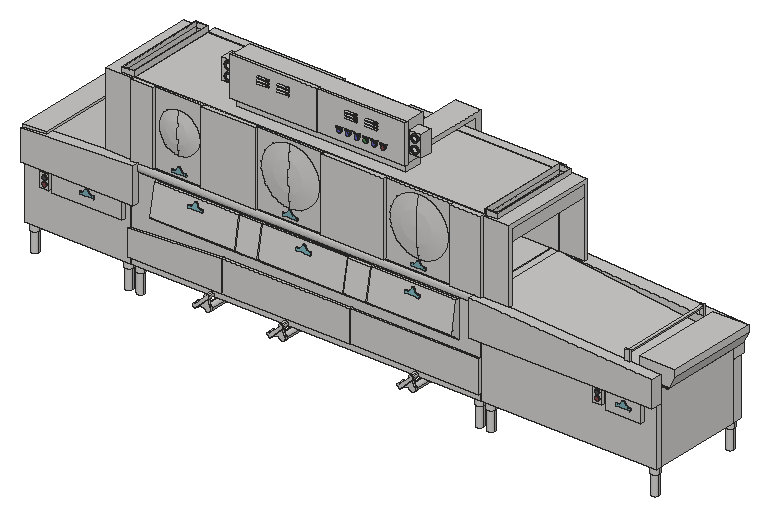
Revit family
Parameters (values of type "208/60/3")
  Weight in Pounds = 0
  Waste Water Discharge Temperature [instance] = -459.67 °F
  Volts = 208 V
  Ventilation Remarks [instance] = ""
  Unload Ventilation Remarks [instance] = ""
  Unload Section Width [instance] = if(Custom Unload Width > 5' 0", Custom Unload Width, 5' 0")  # 5' - 0"
  Unload Removable Cover [instance] = yes
  Unload Exhaust Volume = 1000 CFM
  Unload Exhaust Vent Width = 0' - 4"
  Unload Exhaust Vent Depth = 2' - 7 1/4"
  Unload Exhaust Static Press [instance] = 0.00 in-wg
  Unload Exhaust RI Height [instance] = 0' - 0"
  Unload Exhaust Item Number [instance] = "-"
  Unload End Drain [instance] = no
  URL Cutsheet = ""
  URL = "www.stero.com"
  Swing Doors [instance] = no
  Steam Supply Volume [instance] = 0.00 GPM
  Steam Supply Size = 2"
  Steam Supply RI Height [instance] = 0' - 0"
  Steam Supply Minimum Pressure = 15.00 psi
  Steam Supply Maximum Pressure = 40.00 psi
  Steam Supply Connection Height = 0' - 6"
  Steam Pounds per Hour [instance] = if(Booster Heater, 320, 170)  # 170
  Status [instance] = ""
  Standard Doors [instance] = not(Swing Doors)  # yes
  Specification by User [instance] = ""
  Specification by Manufacturer [instance] = ""
  Serial Number [instance] = ""
  Seismic Rating [instance] = ""
  Revision Code [instance] = ""
  Power Wash Width = 3' - 8"
  Power Wash Door [instance] = if(Swing Doors, 3' 0", 1' 10 1/2")  # 1' - 10 1/2"
  Power Scrapper Width = 2' - 8"
  Power Scrapper Door [instance] = if(Swing Doors, 1' 6", 1' 4 1/4")  # 1' - 4 1/4"
  Power Rinse Door [instance] = if(Swing Doors, 3' 0", 1' 10 1/2")  # 1' - 10 1/2"
  Plumbing Remarks [instance] = ""
  Plumbing Connection Type [instance] = ""
  Phase = 3
  ONOFF Switch [instance] = if([30 inch Load], 0' 0", 0' 6")  # 0' - 6"
  Number of Poles [instance] = 1
  No Booster Heater [instance] = not(Booster Heater)  # yes
  NAFEM Spec ID Number [instance] = ""
  Model = "STPCW-ER 120 S"
  Mechanical Remarks [instance] = ""
  Mechanical Connection Type [instance] = ""
  Masterspec [instance] = ""
  Manufacturer = "Stero"
  Load Section Width [instance] = if([30 inch Load], 2' 6 1/8", if([36 inch Load], 3' 0 1/8", if([48 inch Load], 4' 0 1/8", (Custom Load Width + 0' 0 1/8"))))  # 3' - 0 1/8"
  Load End Drain [instance] = not(Unload End Drain)  # yes
  Item Number [instance] = "-"
  Installed By [instance] = ""
  Indirect Waste Size = 2"
  Indirect Waste Flow [instance] = 0.00 GPM
  Indirect Waste Connection Type [instance] = ""
  Indirect Waste Connection Height = 0' - 7"
  Hot Water Temperature = 140 °F
  Hot Water Size = 1"
  Hot Water RI Height [instance] = 0' - 0"
  Hot Water Minimum Pressure = 20.00 psi
  Hot Water Maximum Pressure = 20.00 psi
  Hot Water Flow [instance] = 0.00 GPM
  Hot Water Consumption = 1.63 GPM
  Hot Water Connection Height = 0' - 6"
  HP = "8"
  Furnished By [instance] = ""
  Foodservice Equipment Identifier [instance] = yes
  Final Rinse Width = 3' - 8"
  FL Amps = 34.1 A
  Exhaust Volume = 500 CFM
  Exhaust Vent Width = 0' - 4"
  Exhaust Vent Depth = 2' - 7 1/4"
  Exhaust Static Press [instance] = 0.00 in-wg
  Exhaust RI Height [instance] = 0' - 0"
  Electrical Remarks [instance] = ""
  Electric Connection Type [instance] = ""
  Elec Conn RI Height [instance] = 0' - 0"
  Elec Conn Connection Height = 6' - 6"
  Description = "Flight Type Dishwasher"
  Depth = 3' - 6"
  Cycle = 60 Hz
  Custom Unload Width [instance] = 5' - 0"
  Custom Load Width [instance] = 4' - 6"
  Conn Conduit = yes
  Condensate Return Size = 3/4"
  Condensate Return RI Height [instance] = 0' - 0"
  Condensate Return Connection Height = 0' - 6"
  Cold Water Temperature Recommended [instance] = -459.67 °F
  Cold Water Size [instance] = if(Cold Water Aqua Stat, 0' 0 3/4", 0' 0")  # 0"
  Cold Water RI Height [instance] = 0' - 0"
  Cold Water Minimum Pressure [instance] = 0.00 psi
  Cold Water Maximum Pressure [instance] = 0.00 psi
  Cold Water Flow [instance] = 0.00 GPM
  Cold Water Consumption [instance] = ""
  Cold Water Connection Height [instance] = if(Cold Water Aqua Stat, 0' 6", 0' 0")  # 0' - 0"
  Cold Water Aqua Stat [instance] = no
  CSI MasterFormat = "11 48 13"
  Booster Heater [instance] = no
  Boosted Plumbing Remarks [instance] = ""
  Boosted Hot Water Temperature = 180 °F
  Boosted Hot Water Size = 3/4"
  Boosted Hot Water RI Height [instance] = 0' - 0"
  Boosted Hot Water Minimum Pressure = 20.00 psi
  Boosted Hot Water Maximum Pressure = 20.00 psi
  Boosted Hot Water Flow [instance] = 0.00 GPM
  Boosted Hot Water Consumption = 1.63 GPM
  Boosted Hot Water Connection Height = 0' - 6"
  Boosted HW Item Number [instance] = "-"
  Assembly Code = "E1090320"
  Apparent Power = if(Phase = 3, Volts * FL Amps * 1.73, Volts * FL Amps)  # 12270.5 VA
  48 inch Load [instance] = no
  36 inch Load [instance] = yes
  30 inch Load [instance] = no
Reference planes (in)
  plane 1 "BACK": y = 0
  plane 2: z = 0
  plane 3 "LEFT": x = -21.27862
  plane 4 "RIGHT": x = 98.72138
  plane 5 "FRONT": y = -42
  plane 6 "Right of Power Scrapper": x = 10.72138
  plane 7 "Right of Power Wash": x = 54.72138
  plane 8 "Load Vent": x = -30.27862
  plane 9 "Unload Vent": x = 107.72138
  plane 10 "Top of Machine": z = 65.5
  plane 11 "Table Height": z = 34
  plane 12 "Bottom of Machine": z = 9
  plane 13 "Middle of Machine": z = 40.625
  plane 14 "Left of Bottom": x = -18.77862
  plane 15 "Right of Bottom": x = 96.22138
  plane 16: z = 38.125
  plane 17: z = 37.75
  plane 18: z = 24.5
  plane 19: z = 22.25
  plane 20: z = 11.5
  plane 21 "Back of Main Body": y = -3
  plane 22 "Front of Main Body": y = -39
  plane 23: x = -5.27862
  plane 24: x = 32.72138
  plane 25: x = 76.72138
  plane 26: x = -13.52862
  plane 27: x = 2.72138
  plane 28: x = 21.47138
  plane 29: x = 43.97138
  plane 30: x = 65.47138
  plane 31: x = 87.97138
  plane 32 "Front of Inside": y = -37.25
  plane 33 "Back of Inside": y = -6
  plane 34: x = 23.22138
  plane 35: x = 45.72138
  plane 36: x = -12.27862
  plane 37: x = 16.72138
  plane 38: x = 24.72138
  plane 39: x = 53.72138
  plane 40: x = 61.97138
  plane 41: x = 90.97138
  plane 42: x = 16.97138
  plane 43: x = 24.47138
  plane 44: x = 53.97138
  plane 45: x = 61.72138
  plane 46: x = 10.59638
  plane 47: x = 10.84638
  plane 48: x = 54.59638
  plane 49: x = 54.84638
  plane 50: z = 60.25
  plane 51: z = 67.25
  plane 52: x = -21.40362
  plane 53: x = -25.40362
  plane 54: x = 102.84638
  plane 55: x = 98.84638
  plane 56: x = -57.40362
  plane 57: x = -59.90362
  plane 58: x = -58.40362
  plane 59: x = -49.40362
  plane 60: z = 28.5
  plane 61: z = 28
  plane 62: z = 22
  plane 63: x = -47.40362
  plane 64: x = -23.40362
  plane 65: x = -48.40362
  plane 66: x = -51.40362
  plane 67: x = 158.72138
  plane 68: x = 159.72138
  plane 69: x = 161.22138
  plane 70: x = 163.72138
  plane 71: x = 151.72138
  plane 72: x = 147.72138
  plane 73: x = 154.22138
  plane 74: x = 142.22138
  plane 75: x = 140.72138
  plane 76: x = 137.72138
  plane 77: y = -32.5
  plane 78: y = -26.5
  plane 79: x = 9.72138
  plane 80: x = 67.72138
  plane 81: z = 68.5
  plane 82: z = 71.375
  plane 83: z = 78.625
  plane 84: z = 81.5
  plane 85: x = 38.72138
  plane 86: x = 38.59638
  plane 87: x = 38.84638
  plane 88: x = 8.72138
  plane 89: x = 68.72138
  plane 90: x = 72.72138
  plane 91: x = 4.72138
  plane 92 "Back of Elec Box": y = -26
  plane 93: y = -33
  plane 94 "Front of Panel": y = -34
  plane 95: z = 68.25
  plane 96: z = 81.25
  plane 97: x = 8.97138
  plane 98 "RIght of Control Box": x = 68.47138
  plane 99 "Front of LR Panels": y = -32.25
  plane 100: y = -28.25
  plane 101 "Drain": z = 7
  plane 102 "Left Drain": x = -39.90362
  plane 103 "Right Drain": x = 151.72138
  plane 104 "Drain CL": y = -20.25
  plane 105 "Utilities": z = 6
  plane 106 "Cold Water": x = -31.27862
  plane 107 "Utility to Machine": y = -16.75
  plane 108 "Utilities Point of Connection": y = -8.5
  plane 109 "Building Hot Water": x = 134.72138
  plane 110: x = -13.27862
  plane 111: x = 2.59638
  plane 112: x = 1.28388
  plane 113: x = 21.72138
  plane 114: x = 32.65888
  plane 115: x = 32.78388
  plane 116: x = 43.72138
  plane 117: x = 34.15888
  plane 118: x = 31.28388
  plane 119: x = 65.72138
  plane 120: x = 76.65888
  plane 121: x = 76.78388
  plane 122: x = 87.72138
  plane 123: x = 78.15888
  plane 124: x = 75.28388
  plane 125 "Standard Door Clearance": z = 93.5
  plane 126: x = 128.72138
  plane 127: x = 122.72138
Forms (in)
  Extrusion 1, solid, material "QF_Finishes_Stainless Steel"
    sketch origin (0, -39, 0) x (1, 0, 0) y (0, 0, 1)
      loop
        line (-21.27862, 9) -> (98.72138, 9) -> (98.72138, 28.5) -> (96.22138, 28.5) -> (96.22138, 38.125) -> (-18.77862, 38.125) -> (-18.77862, 28.5) -> (-21.27862, 28.5) -> (-21.27862, 9)
    from 0 to -36
  Extrusion 2, solid, material "QF_Finishes_Stainless Steel"
    sketch origin (-18.77862, 0, 0) x (0, 1, 0) y (0, 0, 1)
      loop
        line (-3, 40.625) -> (-39, 40.625)
        arc (-39, 40.625) -> (-39.43875, 39.375) -> (-39, 38.125) r 2
        line (-39, 38.125) -> (-3, 38.125) -> (-3, 40.625)
    from 0 to 115
  Extrusion 3, solid, material "QF_Finishes_Stainless Steel"
    sketch origin (0, 0, 65.5) x (0, 1, 0) y (-1, 0, 0)
      loop
        line (-37.25, 21.27862) -> (-39, 21.27862) -> (-39, 13.52862) -> (-37.25, 13.52862) -> (-37.25, 21.27862)
    from 0 to -24.875
  Extrusion 4, solid, material "QF_Finishes_Stainless Steel"
    sketch origin (0, 0, 65.5) x (0, 1, 0) y (-1, 0, 0)
      loop
        line (-37.25, -2.72138) -> (-39, -2.72138) -> (-39, -21.47138) -> (-37.25, -21.47138) -> (-37.25, -2.72138)
    from 0 to -24.875
  Extrusion 5, solid, material "QF_Finishes_Stainless Steel"
    sketch origin (0, 0, 65.5) x (0, 1, 0) y (-1, 0, 0)
      loop
        line (-37.25, -43.97138) -> (-39, -43.97138) -> (-39, -65.47138) -> (-37.25, -65.47138) -> (-37.25, -43.97138)
    from 0 to -24.875
  Extrusion 6, solid, material "QF_Finishes_Stainless Steel"
    sketch origin (0, 0, 65.5) x (0, 1, 0) y (-1, 0, 0)
      loop
        line (-37.25, -87.97138) -> (-39, -87.97138) -> (-39, -98.72138) -> (-37.25, -98.72138) -> (-37.25, -87.97138)
    from 0 to -24.875
  Extrusion 7, solid, material "QF_Finishes_Stainless Steel"
    sketch origin (0, 0, 65.5) x (0, 1, 0) y (-1, 0, 0)
      loop
        line (-3, 21.27862) -> (-6, 21.27862) -> (-6, -23.22138) -> (-3, -23.22138) -> (-3, 21.27862)
    from 0 to -24.875
  Extrusion 8, solid, material "QF_Finishes_Stainless Steel"
    sketch origin (0, 0, 65.5) x (0, 1, 0) y (-1, 0, 0)
      loop
        line (-3, -45.72138) -> (-6, -45.72138) -> (-6, -98.72138) -> (-3, -98.72138) -> (-3, -45.72138)
    from 0 to -24.875
  Extrusion 9, solid, material "QF_Finishes_Stainless Steel"
    sketch origin (0, 0, 65.5) x (0, 1, 0) y (-1, 0, 0)
      loop
        line (-37.25, 13.52862) -> (-38.25, 13.52862) -> (-38.25, -2.72138) -> (-37.25, -2.72138) -> (-37.25, 13.52862)
    from 0 to -24.875
  Extrusion 10, solid, material "QF_Finishes_Stainless Steel"
    sketch origin (0, 0, 65.5) x (0, 1, 0) y (-1, 0, 0)
      loop
        line (-37.25, -21.47138) -> (-38.25, -21.47138) -> (-38.25, -43.97138) -> (-37.25, -43.97138) -> (-37.25, -21.47138)
    from 0 to -24.875
  Extrusion 11, solid, material "QF_Finishes_Stainless Steel"
    sketch origin (0, 0, 65.5) x (0, 1, 0) y (-1, 0, 0)
      loop
        line (-37.25, -65.47138) -> (-38.25, -65.47138) -> (-38.25, -87.97138) -> (-37.25, -87.97138) -> (-37.25, -65.47138)
    from 0 to -24.875
  Extrusion 12, solid, material "QF_Finishes_Stainless Steel"
    sketch origin (0, 0, 65.5) x (0, 1, 0) y (-1, 0, 0)
      loop
        line (-4, -23.22138) -> (-6, -23.22138) -> (-6, -45.72138) -> (-4, -45.72138) -> (-4, -23.22138)
    from 0 to -24.875
  Revolve 13, solid, material "QF_Finishes_Stainless Steel", visible <- "Standard Doors"
    sketch origin (32.72138, 87.64484, 48) x (0, 1, 0) y (0, 0, 1)
      loop
        line (-125.89484, 6.49826) -> (-125.89484, 16.49826)
        arc (-125.89484, 16.49826) -> (-126.65727, 11.52451) -> (-126.89484, 6.49826) r 48
        line (-126.89484, 6.49826) -> (-125.89484, 6.49826)
      axis (-125.89484, 6.49826) -> (-126.89484, 6.49826)
    angle from 0 to 360
  Revolve 14, solid, material "QF_Finishes_Stainless Steel", visible <- "Standard Doors"
    sketch origin (76.72138, 53.39484, 48) x (0, 1, 0) y (0, 0, 1)
      loop
        line (-91.64484, 6.49826) -> (-91.64484, 16.49826)
        arc (-91.64484, 16.49826) -> (-92.40727, 11.52451) -> (-92.64484, 6.49826) r 48
        line (-92.64484, 6.49826) -> (-91.64484, 6.49826)
      axis (-91.64484, 6.49826) -> (-92.64484, 6.49826)
    angle from 0 to 360
  Extrusion 15, solid, material "QF_Finishes_Light Blue", visible <- "Standard Doors"
    sketch origin (32.39366, -38.75, 10.99826) x (-1, 0, 0) y (0, 0, 1)
      loop
        line (-43.71645, 30.65632) -> (-42.08461, 30.57309)
        arc (-42.08461, 30.57309) -> (-41.90443, 30.64773) -> (-41.82979, 30.82792) r 0.25483
        line (-41.82979, 30.82792) -> (-41.82979, 31.31285)
        arc (-41.82979, 31.31285) -> (-41.90343, 31.49062) -> (-42.08121, 31.56426) r 0.25142
        arc (-42.08121, 31.56426) -> (-43.22593, 31.7803) -> (-43.90311, 32.72819) r 1.56264
        arc (-43.90311, 32.72819) -> (-44.31726, 33.06213) -> (-44.74741, 32.74907) r 0.43733
        arc (-44.74741, 32.74907) -> (-45.42049, 31.78611) -> (-46.57423, 31.56426) r 1.56264
        arc (-46.57423, 31.56426) -> (-46.75201, 31.49062) -> (-46.82565, 31.31285) r 0.25142
        line (-46.82565, 31.31285) -> (-46.82565, 30.82792)
        arc (-46.82565, 30.82792) -> (-46.75101, 30.64773) -> (-46.57082, 30.57309) r 0.25483
        line (-46.57082, 30.57309) -> (-44.93898, 30.65632)
        arc (-44.93898, 30.65632) -> (-44.32772, 30.6719) -> (-43.71645, 30.65632) r 12
    from 0.5 to 0.4375
  Extrusion 16, solid, material "QF_Finishes_Light Blue", visible <- "Standard Doors"
    sketch origin (-33.60634, -38.75, 10.99826) x (-1, 0, 0) y (0, 0, 1)
      loop
        line (-27.71645, 30.65632) -> (-26.08461, 30.57309)
        arc (-26.08461, 30.57309) -> (-25.90443, 30.64773) -> (-25.82979, 30.82792) r 0.25483
        line (-25.82979, 30.82792) -> (-25.82979, 31.31285)
        arc (-25.82979, 31.31285) -> (-25.90343, 31.49062) -> (-26.08121, 31.56426) r 0.25142
        arc (-26.08121, 31.56426) -> (-27.22593, 31.7803) -> (-27.90311, 32.72819) r 1.56264
        arc (-27.90311, 32.72819) -> (-28.31726, 33.06213) -> (-28.74741, 32.74907) r 0.43733
        arc (-28.74741, 32.74907) -> (-29.42049, 31.78611) -> (-30.57423, 31.56426) r 1.56264
        arc (-30.57423, 31.56426) -> (-30.75201, 31.49062) -> (-30.82565, 31.31285) r 0.25142
        line (-30.82565, 31.31285) -> (-30.82565, 30.82792)
        arc (-30.82565, 30.82792) -> (-30.75101, 30.64773) -> (-30.57082, 30.57309) r 0.25483
        line (-30.57082, 30.57309) -> (-28.93898, 30.65632)
        arc (-28.93898, 30.65632) -> (-28.32772, 30.6719) -> (-27.71645, 30.65632) r 12
    from 0.5 to 0.4375
  Revolve 17, solid, material "QF_Finishes_Stainless Steel", visible <- "Standard Doors"
    sketch origin (-5.27862, 60.79026, 48) x (0, 1, 0) y (0, 0, 1)
      loop
        line (-99.04026, 6.42888) -> (-99.04026, 13.42888)
        arc (-99.04026, 13.42888) -> (-99.77934, 9.96304) -> (-100.04026, 6.42888) r 26
        line (-100.04026, 6.42888) -> (-99.04026, 6.42888)
      axis (-99.04026, 6.42888) -> (-100.04026, 6.42888)
    angle from 0 to 360
  Revolve 18, solid, material "QF_Finishes_Stainless Steel", visible <- "Standard Doors"
    sketch origin (34.47138, -129.89484, 48) x (0, -1, 0) y (0, 0, -1)
      loop
        line (-125.89484, -6.49826) -> (-126.89484, -6.49826)
        arc (-126.89484, -6.49826) -> (-126.65727, -11.52451) -> (-125.89484, -16.49826) r 48
        line (-125.89484, -16.49826) -> (-125.89484, -6.49826)
      axis (-125.89484, -6.49826) -> (-126.89484, -6.49826)
    angle from 0 to 360
  Extrusion 19, solid, material "QF_Finishes_Stainless Steel"
    sketch origin (-18.77862, 0, 0) x (0, 1, 0) y (0, 0, 1)
      loop
        line (-39, 37.75) -> (-40, 37.75) -> (-42, 27.5) -> (-39, 25.1875) -> (-39, 37.75)
    from 6.5 to 35.5
  Extrusion 20, solid, material "QF_Finishes_Stainless Steel"
    sketch origin (5.47138, 0, 0) x (0, 1, 0) y (0, 0, 1)
      loop
        line (-39, 37.75) -> (-40, 37.75) -> (-42, 27.5) -> (-39, 25.1875) -> (-39, 37.75)
    from 11.5 to 19
  Extrusion 21, solid, material "QF_Finishes_Stainless Steel"
    sketch origin (10.22138, 0, 0) x (0, 1, 0) y (0, 0, 1)
      loop
        line (-39, 37.75) -> (-40, 37.75) -> (-42, 27.5) -> (-39, 25.1875) -> (-39, 37.75)
    from 14.5 to 43.5
  Extrusion 22, solid, material "QF_Finishes_Stainless Steel"
    sketch origin (34.47138, 0, 0) x (0, 1, 0) y (0, 0, 1)
      loop
        line (-39, 37.75) -> (-40, 37.75) -> (-42, 27.5) -> (-39, 25.1875) -> (-39, 37.75)
    from 19.5 to 27.25
  Extrusion 23, solid, material "QF_Finishes_Stainless Steel"
    sketch origin (39.47138, 0, 0) x (0, 1, 0) y (0, 0, 1)
      loop
        line (-39, 37.75) -> (-40, 37.75) -> (-42, 27.5) -> (-39, 25.1875) -> (-39, 37.75)
    from 22.5 to 51.5
  Extrusion 24, solid, material "QF_Finishes_Stainless Steel"
    sketch origin (0, -39, 0) x (1, 0, 0) y (0, 0, 1)
      loop
        line (-21.27862, 11.5) -> (10.59638, 11.5) -> (10.59638, 22.25) -> (-21.27862, 20.375) -> (-21.27862, 11.5)
    from 0 to 1
  Extrusion 25, solid, material "QF_Finishes_Stainless Steel"
    sketch origin (0, -39, 0) x (1, 0, 0) y (0, 0, 1)
      loop
        line (10.84638, 22.25) -> (10.84638, 11.5) -> (54.59638, 11.5) -> (54.59638, 22.25) -> (10.84638, 22.25)
    from 0 to 1
  Extrusion 26, solid, material "QF_Finishes_Stainless Steel"
    sketch origin (0, -39, 0) x (1, 0, 0) y (0, 0, 1)
      loop
        line (54.84638, 22.25) -> (54.84638, 11.5) -> (98.72138, 11.5) -> (98.72138, 22.25) -> (54.84638, 22.25)
    from 0 to 1
  Extrusion 27, solid, material "QF_Finishes_Stainless Steel"
    sketch origin (0, 0, 65.5) x (0, 1, 0) y (-1, 0, 0)
      loop
        line (-6, 21.27862) -> (-37.25, 21.27862) -> (-37.25, -98.72138) -> (-6, -98.72138) -> (-6, 21.27862)
    from 0 to -5.25
  Extrusion 28, solid, material "QF_Finishes_Stainless Steel"
    sketch origin (-21.27862, 0, 0) x (0, 1, 0) y (0, 0, 1)
      loop
        line (-5, 65.5) -> (-38.25, 65.5) -> (-38.25, 40.625) -> (-37.25, 40.625) -> (-37.25, 64.125) -> (-6, 64.125) -> (-6, 40.625) -> (-5, 40.625) -> (-5, 65.5)
    from 0 to -9
  Extrusion 29, solid, material "QF_Finishes_Stainless Steel"
    sketch origin (0, 0, 65.5) x (0, 1, 0) y (-1, 0, 0)
      loop
        line (-6, 25.40362) -> (-37.25, 25.40362) -> (-37.25, 21.40362) -> (-6, 21.40362) -> (-6, 25.40362)
      loop
        line (-5.875, 25.52862) -> (-37.375, 25.52862) -> (-37.375, 21.27862) -> (-5.875, 21.27862) -> (-5.875, 25.52862)
    from 0 to 1.75
  Extrusion 30, solid, material "QF_Finishes_Stainless Steel"
    sketch origin (-30.27862, 0, 0) x (0, 1, 0) y (0, 0, 1)
      loop
        line (-6, 64.125) -> (-37.25, 64.125) -> (-37.25, 60.25) -> (-6, 60.25) -> (-6, 64.125)
    from 0 to 1
  Extrusion 31, void
    sketch origin (0, 0, 65.5) x (0, 1, 0) y (-1, 0, 0)
      loop
        line (-6, 25.40362) -> (-37.25, 25.40362) -> (-37.25, 21.40362) -> (-6, 21.40362) -> (-6, 25.40362)
    from 0 to -1.375
  Extrusion 32, solid, material "QF_Finishes_Stainless Steel"
    sketch origin (98.72138, 0, 0) x (0, 1, 0) y (0, 0, 1)
      loop
        line (-5, 40.625) -> (-5, 65.5) -> (-38.25, 65.5) -> (-38.25, 40.625) -> (-37.25, 40.625) -> (-37.25, 64.125) -> (-6, 64.125) -> (-6, 40.625) -> (-5, 40.625)
    from 0 to 9
  Extrusion 33, solid, material "QF_Finishes_Stainless Steel"
    sketch origin (53.44275, 0, 65.5) x (0, 1, 0) y (-1, 0, 0)
      loop
        line (-6, -49.40362) -> (-6, -45.40362) -> (-37.25, -45.40362) -> (-37.25, -49.40362) -> (-6, -49.40362)
      loop
        line (-5.875, -49.52862) -> (-5.875, -45.27862) -> (-37.375, -45.27862) -> (-37.375, -49.52862) -> (-5.875, -49.52862)
    from 0 to 1.75
  Extrusion 34, solid, material "QF_Finishes_Stainless Steel"
    sketch origin (107.72138, 0, 0) x (0, 1, 0) y (0, 0, 1)
      loop
        line (-6, 64.125) -> (-37.25, 64.125) -> (-37.25, 60.25) -> (-6, 60.25) -> (-6, 64.125)
    from 0 to -1
  Extrusion 35, void
    sketch origin (0, 0, 65.5) x (0, 1, 0) y (-1, 0, 0)
      loop
        line (-37.25, -102.84638) -> (-6, -102.84638) -> (-6, -98.84638) -> (-37.25, -98.84638) -> (-37.25, -102.84638)
    from 0 to -1.375
  Extrusion 36, solid, material "QF_Finishes_Light Blue", visible <- "Standard Doors"
    sketch origin (4.39366, -38.75, 10.99826) x (-1, 0, 0) y (0, 0, 1)
      loop
        line (-27.71645, 30.65632) -> (-26.08461, 30.57309)
        arc (-26.08461, 30.57309) -> (-25.90443, 30.64773) -> (-25.82979, 30.82792) r 0.25483
        line (-25.82979, 30.82792) -> (-25.82979, 31.31285)
        arc (-25.82979, 31.31285) -> (-25.90343, 31.49062) -> (-26.08121, 31.56426) r 0.25142
        arc (-26.08121, 31.56426) -> (-27.22593, 31.7803) -> (-27.90311, 32.72819) r 1.56264
        arc (-27.90311, 32.72819) -> (-28.31726, 33.06213) -> (-28.74741, 32.74907) r 0.43733
        arc (-28.74741, 32.74907) -> (-29.42049, 31.78611) -> (-30.57423, 31.56426) r 1.56264
        arc (-30.57423, 31.56426) -> (-30.75201, 31.49062) -> (-30.82565, 31.31285) r 0.25142
        line (-30.82565, 31.31285) -> (-30.82565, 30.82792)
        arc (-30.82565, 30.82792) -> (-30.75101, 30.64773) -> (-30.57082, 30.57309) r 0.25483
        line (-30.57082, 30.57309) -> (-28.93898, 30.65632)
        arc (-28.93898, 30.65632) -> (-28.32772, 30.6719) -> (-27.71645, 30.65632) r 12
    from 0.5 to 0.4375
  Extrusion 37, solid, material "QF_Finishes_Light Blue", visible <- "Standard Doors"
    sketch origin (6.14366, -3.5, 10.99826) x (-1, 0, 0) y (0, 0, -1)
      loop
        arc (-27.71645, -30.65632) -> (-28.32772, -30.6719) -> (-28.93898, -30.65632) r 12
        line (-28.93898, -30.65632) -> (-30.57082, -30.57309)
        arc (-30.57082, -30.57309) -> (-30.75101, -30.64773) -> (-30.82565, -30.82792) r 0.25483
        line (-30.82565, -30.82792) -> (-30.82565, -31.31285)
        arc (-30.82565, -31.31285) -> (-30.75201, -31.49062) -> (-30.57423, -31.56426) r 0.25142
        arc (-30.57423, -31.56426) -> (-29.42049, -31.78611) -> (-28.74741, -32.74907) r 1.56264
        arc (-28.74741, -32.74907) -> (-28.31726, -33.06213) -> (-27.90311, -32.72819) r 0.43733
        arc (-27.90311, -32.72819) -> (-27.22593, -31.7803) -> (-26.08121, -31.56426) r 1.56264
        arc (-26.08121, -31.56426) -> (-25.90343, -31.49062) -> (-25.82979, -31.31285) r 0.25142
        line (-25.82979, -31.31285) -> (-25.82979, -30.82792)
        arc (-25.82979, -30.82792) -> (-25.90443, -30.64773) -> (-26.08461, -30.57309) r 0.25483
        line (-26.08461, -30.57309) -> (-27.71645, -30.65632)
    from 0.5 to 0.4375
  Extrusion 38, solid, material "QF_Finishes_Light Blue"
    sketch origin (40.64366, -47.17361, 4.34597) x (-1, 0, 0) y (0, 0.195946, 0.980615)
      loop
        line (-35.2161, 30.65632) -> (-33.58426, 30.57309)
        arc (-33.58426, 30.57309) -> (-33.40408, 30.64773) -> (-33.32944, 30.82792) r 0.25483
        line (-33.32944, 30.82792) -> (-33.32944, 31.31285)
        arc (-33.32944, 31.31285) -> (-33.40308, 31.49062) -> (-33.58085, 31.56426) r 0.25142
        arc (-33.58085, 31.56426) -> (-34.72558, 31.7803) -> (-35.40276, 32.72819) r 1.56264
        arc (-35.40276, 32.72819) -> (-35.81691, 33.06213) -> (-36.24706, 32.74907) r 0.43733
        arc (-36.24706, 32.74907) -> (-36.92014, 31.78611) -> (-38.07388, 31.56426) r 1.56264
        arc (-38.07388, 31.56426) -> (-38.25166, 31.49062) -> (-38.3253, 31.31285) r 0.25142
        line (-38.3253, 31.31285) -> (-38.3253, 30.82792)
        arc (-38.3253, 30.82792) -> (-38.25066, 30.64773) -> (-38.07047, 30.57309) r 0.25483
        line (-38.07047, 30.57309) -> (-36.43863, 30.65632)
        arc (-36.43863, 30.65632) -> (-35.82737, 30.6719) -> (-35.2161, 30.65632) r 12
      loop
        line (2.0339, 30.65632) -> (3.66574, 30.57309)
        arc (3.66574, 30.57309) -> (3.84592, 30.64773) -> (3.92056, 30.82792) r 0.25483
        line (3.92056, 30.82792) -> (3.92056, 31.31285)
        arc (3.92056, 31.31285) -> (3.84692, 31.49062) -> (3.66915, 31.56426) r 0.25142
        arc (3.66915, 31.56426) -> (2.52442, 31.7803) -> (1.84724, 32.72819) r 1.56264
        arc (1.84724, 32.72819) -> (1.43309, 33.06213) -> (1.00294, 32.74907) r 0.43733
        arc (1.00294, 32.74907) -> (0.32986, 31.78611) -> (-0.82388, 31.56426) r 1.56264
        arc (-0.82388, 31.56426) -> (-1.00166, 31.49062) -> (-1.0753, 31.31285) r 0.25142
        line (-1.0753, 31.31285) -> (-1.0753, 30.82792)
        arc (-1.0753, 30.82792) -> (-1.00066, 30.64773) -> (-0.82047, 30.57309) r 0.25483
        line (-0.82047, 30.57309) -> (0.81137, 30.65632)
        arc (0.81137, 30.65632) -> (1.42263, 30.6719) -> (2.0339, 30.65632) r 12
      loop
        line (39.0339, 30.65632) -> (40.66574, 30.57309)
        arc (40.66574, 30.57309) -> (40.84592, 30.64773) -> (40.92056, 30.82792) r 0.25483
        line (40.92056, 30.82792) -> (40.92056, 31.31285)
        arc (40.92056, 31.31285) -> (40.84692, 31.49062) -> (40.66915, 31.56426) r 0.25142
        arc (40.66915, 31.56426) -> (39.52442, 31.7803) -> (38.84724, 32.72819) r 1.56264
        arc (38.84724, 32.72819) -> (38.43309, 33.06213) -> (38.00294, 32.74907) r 0.43733
        arc (38.00294, 32.74907) -> (37.32986, 31.78611) -> (36.17612, 31.56426) r 1.56264
        arc (36.17612, 31.56426) -> (35.99834, 31.49062) -> (35.9247, 31.31285) r 0.25142
        line (35.9247, 31.31285) -> (35.9247, 30.82792)
        arc (35.9247, 30.82792) -> (35.99934, 30.64773) -> (36.17953, 30.57309) r 0.25483
        line (36.17953, 30.57309) -> (37.81137, 30.65632)
        arc (37.81137, 30.65632) -> (38.42263, 30.6719) -> (39.0339, 30.65632) r 12
    from 0.5 to 0.4375
  Extrusion 39, solid, material "QF_Finishes_Stainless Steel", not visible
    sketch origin (-18.77862, 0, 0) x (0, 1, 0) y (0, 0, 1)
      loop
        line (-39, 37.75) -> (-40, 37.75) -> (-42, 27.5) -> (-39, 25.1875) -> (-39, 37.75)
    from 6.5 to 35.5
  Extrusion 40, solid, material "QF_Finishes_Stainless Steel", not visible
    sketch origin (5.47138, 0, 0) x (0, 1, 0) y (0, 0, 1)
      loop
        line (-39, 37.75) -> (-40, 37.75) -> (-42, 27.5) -> (-39, 25.1875) -> (-39, 37.75)
    from 11.5 to 19
  Extrusion 41, solid, material "QF_Finishes_Stainless Steel", not visible
    sketch origin (10.22138, 0, 0) x (0, 1, 0) y (0, 0, 1)
      loop
        line (-39, 37.75) -> (-40, 37.75) -> (-42, 27.5) -> (-39, 25.1875) -> (-39, 37.75)
    from 14.5 to 43.5
  Extrusion 42, solid, material "QF_Finishes_Stainless Steel", not visible
    sketch origin (34.47138, 0, 0) x (0, 1, 0) y (0, 0, 1)
      loop
        line (-39, 37.75) -> (-40, 37.75) -> (-42, 27.5) -> (-39, 25.1875) -> (-39, 37.75)
    from 19.5 to 27.25
  Extrusion 43, solid, material "QF_Finishes_Stainless Steel", not visible
    sketch origin (39.47138, 0, 0) x (0, 1, 0) y (0, 0, 1)
      loop
        line (-39, 37.75) -> (-40, 37.75) -> (-42, 27.5) -> (-39, 25.1875) -> (-39, 37.75)
    from 22.5 to 51.5
  Extrusion 44, solid, material "QF_Finishes_Light Blue", not visible
    sketch origin (40.64366, -47.17361, 4.34597) x (-1, 0, 0) y (0, 0.195946, 0.980615)
      loop
        line (-35.2161, 30.65632) -> (-33.58426, 30.57309)
        arc (-33.58426, 30.57309) -> (-33.40408, 30.64773) -> (-33.32944, 30.82792) r 0.25483
        line (-33.32944, 30.82792) -> (-33.32944, 31.31285)
        arc (-33.32944, 31.31285) -> (-33.40308, 31.49062) -> (-33.58085, 31.56426) r 0.25142
        arc (-33.58085, 31.56426) -> (-34.72558, 31.7803) -> (-35.40276, 32.72819) r 1.56264
        arc (-35.40276, 32.72819) -> (-35.81691, 33.06213) -> (-36.24706, 32.74907) r 0.43733
        arc (-36.24706, 32.74907) -> (-36.92014, 31.78611) -> (-38.07388, 31.56426) r 1.56264
        arc (-38.07388, 31.56426) -> (-38.25166, 31.49062) -> (-38.3253, 31.31285) r 0.25142
        line (-38.3253, 31.31285) -> (-38.3253, 30.82792)
        arc (-38.3253, 30.82792) -> (-38.25066, 30.64773) -> (-38.07047, 30.57309) r 0.25483
        line (-38.07047, 30.57309) -> (-36.43863, 30.65632)
        arc (-36.43863, 30.65632) -> (-35.82737, 30.6719) -> (-35.2161, 30.65632) r 12
      loop
        line (2.0339, 30.65632) -> (3.66574, 30.57309)
        arc (3.66574, 30.57309) -> (3.84592, 30.64773) -> (3.92056, 30.82792) r 0.25483
        line (3.92056, 30.82792) -> (3.92056, 31.31285)
        arc (3.92056, 31.31285) -> (3.84692, 31.49062) -> (3.66915, 31.56426) r 0.25142
        arc (3.66915, 31.56426) -> (2.52442, 31.7803) -> (1.84724, 32.72819) r 1.56264
        arc (1.84724, 32.72819) -> (1.43309, 33.06213) -> (1.00294, 32.74907) r 0.43733
        arc (1.00294, 32.74907) -> (0.32986, 31.78611) -> (-0.82388, 31.56426) r 1.56264
        arc (-0.82388, 31.56426) -> (-1.00166, 31.49062) -> (-1.0753, 31.31285) r 0.25142
        line (-1.0753, 31.31285) -> (-1.0753, 30.82792)
        arc (-1.0753, 30.82792) -> (-1.00066, 30.64773) -> (-0.82047, 30.57309) r 0.25483
        line (-0.82047, 30.57309) -> (0.81137, 30.65632)
        arc (0.81137, 30.65632) -> (1.42263, 30.6719) -> (2.0339, 30.65632) r 12
      loop
        line (39.0339, 30.65632) -> (40.66574, 30.57309)
        arc (40.66574, 30.57309) -> (40.84592, 30.64773) -> (40.92056, 30.82792) r 0.25483
        line (40.92056, 30.82792) -> (40.92056, 31.31285)
        arc (40.92056, 31.31285) -> (40.84692, 31.49062) -> (40.66915, 31.56426) r 0.25142
        arc (40.66915, 31.56426) -> (39.52442, 31.7803) -> (38.84724, 32.72819) r 1.56264
        arc (38.84724, 32.72819) -> (38.43309, 33.06213) -> (38.00294, 32.74907) r 0.43733
        arc (38.00294, 32.74907) -> (37.32986, 31.78611) -> (36.17612, 31.56426) r 1.56264
        arc (36.17612, 31.56426) -> (35.99834, 31.49062) -> (35.9247, 31.31285) r 0.25142
        line (35.9247, 31.31285) -> (35.9247, 30.82792)
        arc (35.9247, 30.82792) -> (35.99934, 30.64773) -> (36.17953, 30.57309) r 0.25483
        line (36.17953, 30.57309) -> (37.81137, 30.65632)
        arc (37.81137, 30.65632) -> (38.42263, 30.6719) -> (39.0339, 30.65632) r 12
    from 0.5 to 0.4375
  Extrusion 45, solid, material "QF_Finishes_Stainless Steel"
    sketch origin (0, -37.25, 0) x (1, 0, 0) y (0, 0, 1)
      loop
        line (-57.40362, 28.5) -> (-18.77862, 28.5) -> (-18.77862, 40.625) -> (-57.40362, 38.75) -> (-57.40362, 28.5)
    from 0 to 3.75
  Extrusion 46, solid, material "QF_Finishes_Stainless Steel"
    sketch origin (0, -6, 0) x (1, 0, 0) y (0, 0, 1)
      loop
        line (-57.40362, 28.5) -> (-18.77862, 28.5) -> (-18.77862, 40.625) -> (-57.40362, 38.75) -> (-57.40362, 28.5)
    from 0 to -4.5
  Extrusion 47, solid, material "QF_Finishes_Stainless Steel"
    sketch origin (0, -6, 0) x (1, 0, 0) y (0, 0, 1)
      loop
        line (-57.40362, 34) -> (-59.90362, 34) -> (-59.90362, 33.875) -> (-57.40362, 33.875) -> (-57.40362, 34)
    from 0 to 31.25
  Extrusion 48, solid, material "QF_Finishes_Stainless Steel"
    sketch origin (0, -6, 0) x (1, 0, 0) y (0, 0, 1)
      loop
        line (-57.40362, 33.875) -> (-58.40362, 33.875) -> (-58.40362, 32.5) -> (-57.40362, 32.5) -> (-57.40362, 33.875)
    from 3.5 to 29.25
  Extrusion 49, solid, material "QF_Finishes_Stainless Steel"
    sketch origin (0, -6, 0) x (1, 0, 0) y (0, 0, 1)
      loop
        line (-57.40362, 32) -> (-58.40362, 32) -> (-58.40362, 28) -> (-57.40362, 28) -> (-57.40362, 32)
    from 3.5 to 29.25
  Extrusion 50, solid, material "QF_Finishes_Stainless Steel"
    sketch origin (0, -6, 0) x (1, 0, 0) y (0, 0, 1)
      loop
        line (-18.77862, 40.625) -> (-21.27862, 40.625) -> (-57.40362, 34) -> (-57.40362, 9) -> (-21.27862, 9) -> (-21.27862, 28.5) -> (-18.77862, 28.5) -> (-18.77862, 40.625)
    from 0 to 31.25
  Extrusion 51, solid, material "QF_Finishes_Stainless Steel"
    sketch origin (0, -6, 0) x (1, 0, 0) y (0, 0, 1)
      loop
        line (-57.40362, 38.75) -> (-49.40362, 39.13835) -> (-49.40362, 39.88923) -> (-57.40362, 39.50088) -> (-57.40362, 38.75)
    from -2.625 to 33.875
  Extrusion 52, solid, material "QF_Finishes_Stainless Steel"
    sketch origin (0, -37.25, 0) x (1, 0, 0) y (0, 0, 1)
      loop
        line (-57.40362, 9) -> (-21.27862, 9) -> (-21.27862, 28.5) -> (-57.40362, 28.5) -> (-57.40362, 9)
    from 0 to 1.75
  Extrusion 53, solid, material "QF_Finishes_Stainless Steel"
    sketch origin (0, -6, 0) x (1, 0, 0) y (0, 0, 1)
      loop
        line (-57.40362, 28.5) -> (-57.40362, 9) -> (-21.27862, 9) -> (-21.27862, 28.5) -> (-57.40362, 28.5)
    from 0 to -3
  Extrusion 54, solid, material "QF_Finishes_Stainless Steel"
    sketch origin (0, -37.25, 0) x (1, 0, 0) y (0, 0, 1)
      loop
        line (-47.40362, 28) -> (-47.40362, 22) -> (-23.40362, 22) -> (-23.40362, 28) -> (-47.40362, 28)
    from 1.75 to 2.75
  Extrusion 55, solid, material "QF_Finishes_Light Blue"
    sketch origin (-63.60634, -40.5, -5.56213) x (-1, 0, 0) y (0, 0, 1)
      loop
        line (-27.5911, 30.65632) -> (-25.95926, 30.57309)
        arc (-25.95926, 30.57309) -> (-25.77908, 30.64773) -> (-25.70444, 30.82792) r 0.25483
        line (-25.70444, 30.82792) -> (-25.70444, 31.31285)
        arc (-25.70444, 31.31285) -> (-25.77808, 31.49062) -> (-25.95585, 31.56426) r 0.25142
        arc (-25.95585, 31.56426) -> (-27.10058, 31.7803) -> (-27.77776, 32.72819) r 1.56264
        arc (-27.77776, 32.72819) -> (-28.19191, 33.06213) -> (-28.62206, 32.74907) r 0.43733
        arc (-28.62206, 32.74907) -> (-29.29514, 31.78611) -> (-30.44888, 31.56426) r 1.56264
        arc (-30.44888, 31.56426) -> (-30.62666, 31.49062) -> (-30.7003, 31.31285) r 0.25142
        line (-30.7003, 31.31285) -> (-30.7003, 30.82792)
        arc (-30.7003, 30.82792) -> (-30.62566, 30.64773) -> (-30.44547, 30.57309) r 0.25483
        line (-30.44547, 30.57309) -> (-28.81363, 30.65632)
        arc (-28.81363, 30.65632) -> (-28.20237, 30.6719) -> (-27.5911, 30.65632) r 12
    from 0.5 to 0.4375
  Extrusion 56, solid, material "QF_Finishes_Stainless Steel"
    sketch origin (0, -37.25, 0) x (1, 0, 0) y (0, 0, 1)
      loop
        line (-48.40362, 22.25) -> (-48.40362, 27.25) -> (-51.40362, 27.25) -> (-51.40362, 22.25) -> (-48.40362, 22.25)
    from 1.75 to 2.75
  Extrusion 57, solid, material "QF_Finishes_Black"
    sketch origin (0, -37.25, 0) x (1, 0, 0) y (0, 0, 1)
      loop
        circle (-49.90362, 25.75) r 0.75
    from 2.75 to 2.8125
  Extrusion 58, solid, material "QF_Finishes_LED Red"
    sketch origin (0, -37.25, -2) x (1, 0, 0) y (0, 0, 1)
      loop
        circle (-49.90362, 25.75) r 0.75
    from 2.75 to 2.8125
  Extrusion 59, solid, material "QF_Finishes_Stainless Steel"
    sketch origin (101.31775, -37.25, 0) x (-1, 0, 0) y (0, 0, -1)
      loop
        line (-57.40362, -28.5) -> (-57.40362, -37.5) -> (5.09638, -40.625) -> (5.09638, -28.5) -> (-57.40362, -28.5)
    from 0 to 3.75
  Extrusion 60, solid, material "QF_Finishes_Stainless Steel"
    sketch origin (101.31775, -6, 0) x (-1, 0, 0) y (0, 0, -1)
      loop
        line (-57.40362, -28.5) -> (-57.40362, -37.5) -> (5.09638, -40.625) -> (5.09638, -28.5) -> (-57.40362, -28.5)
    from 0 to -4.5
  Extrusion 61, solid, material "QF_Finishes_Stainless Steel"
    sketch origin (101.31775, -6, 0) x (-1, 0, 0) y (0, 0, -1)
      loop
        line (-57.40362, -34) -> (-57.40362, -33.875) -> (-59.90362, -33.875) -> (-59.90362, -34) -> (-57.40362, -34)
    from 0 to 31.25
  Extrusion 62, solid, material "QF_Finishes_Stainless Steel"
    sketch origin (101.31775, -6, 0) x (-1, 0, 0) y (0, 0, -1)
      loop
        line (-57.40362, -33.875) -> (-57.40362, -32.5) -> (-58.40362, -32.5) -> (-58.40362, -33.875) -> (-57.40362, -33.875)
    from 3.5 to 29.25
  Extrusion 63, solid, material "QF_Finishes_Stainless Steel"
    sketch origin (101.31775, -6, 0) x (-1, 0, 0) y (0, 0, -1)
      loop
        line (5.09638, -40.625) -> (5.09638, -28.5) -> (2.59638, -28.5) -> (2.59638, -9) -> (-57.40362, -9) -> (-57.40362, -34) -> (2.59638, -40.625) -> (5.09638, -40.625)
    from 0 to 31.25
  Extrusion 64, solid, material "QF_Finishes_Stainless Steel"
    sketch origin (101.31775, -37.25, 0) x (-1, 0, 0) y (0, 0, -1)
      loop
        line (-57.40362, -9) -> (-57.40362, -28.5) -> (2.59638, -28.5) -> (2.59638, -9) -> (-57.40362, -9)
    from 0 to 1.75
  Extrusion 65, solid, material "QF_Finishes_Stainless Steel"
    sketch origin (101.31775, -6, 0) x (-1, 0, 0) y (0, 0, -1)
      loop
        line (-57.40362, -28.5) -> (2.59638, -28.5) -> (2.59638, -9) -> (-57.40362, -9) -> (-57.40362, -28.5)
    from 0 to -3
  Extrusion 66, solid, material "QF_Finishes_Stainless Steel", visible <- "Unload Removable Cover"
    sketch origin (0, -6, 0) x (1, 0, 0) y (0, 0, 1)
      loop
        line (163.72138, 40.625) -> (151.72138, 40.625) -> (151.72138, 34.5) -> (161.72138, 34.5) -> (163.72138, 38.125) -> (163.72138, 40.625)
    from 0 to 31.25
  Extrusion 67, solid, material "QF_Finishes_Stainless Steel"
    sketch origin (0, -6, 0) x (1, 0, 0) y (0, 0, 1)
      loop
        line (148.47138, 41.5) -> (146.97138, 41.5) -> (146.97138, 38.0875) -> (148.47138, 38.0125) -> (148.47138, 41.5)
    from 0 to -0.5
  Extrusion 68, solid, material "QF_Finishes_Stainless Steel"
    sketch origin (0, -37.25, 0) x (1, 0, 0) y (0, 0, 1)
      loop
        line (146.97138, 41.5) -> (146.97138, 38.0875) -> (148.47138, 38.0125) -> (148.47138, 41.5) -> (146.97138, 41.5)
    from 0 to 0.5
  Extrusion 69, solid, material "QF_Finishes_Stainless Steel"
    sketch origin (0, -6, 0) x (1, 0, 0) y (0, 0, 1)
      loop
        circle (147.72138, 40.75) r 0.5
    from 0 to 31.25
  Extrusion 70, solid, material "QF_Finishes_Stainless Steel"
    sketch origin (0, -37.25, 0) x (1, 0, 0) y (0, 0, 1)
      loop
        line (142.22138, 28) -> (142.22138, 22) -> (154.22138, 22) -> (154.22138, 28) -> (142.22138, 28)
    from 1.75 to 2.75
  Extrusion 71, solid, material "QF_Finishes_Light Blue"
    sketch origin (120.01866, -40.5, -6.06213) x (-1, 0, 0) y (0, 0, 1)
      loop
        line (-27.5911, 30.65632) -> (-25.95926, 30.57309)
        arc (-25.95926, 30.57309) -> (-25.77908, 30.64773) -> (-25.70444, 30.82792) r 0.25483
        line (-25.70444, 30.82792) -> (-25.70444, 31.31285)
        arc (-25.70444, 31.31285) -> (-25.77808, 31.49062) -> (-25.95585, 31.56426) r 0.25142
        arc (-25.95585, 31.56426) -> (-27.10058, 31.7803) -> (-27.77776, 32.72819) r 1.56264
        arc (-27.77776, 32.72819) -> (-28.19191, 33.06213) -> (-28.62206, 32.74907) r 0.43733
        arc (-28.62206, 32.74907) -> (-29.29514, 31.78611) -> (-30.44888, 31.56426) r 1.56264
        arc (-30.44888, 31.56426) -> (-30.62666, 31.49062) -> (-30.7003, 31.31285) r 0.25142
        line (-30.7003, 31.31285) -> (-30.7003, 30.82792)
        arc (-30.7003, 30.82792) -> (-30.62566, 30.64773) -> (-30.44547, 30.57309) r 0.25483
        line (-30.44547, 30.57309) -> (-28.81363, 30.65632)
        arc (-28.81363, 30.65632) -> (-28.20237, 30.6719) -> (-27.5911, 30.65632) r 12
    from 0.5 to 0.4375
  Extrusion 72, solid, material "QF_Finishes_Stainless Steel"
    sketch origin (189.125, -37.25, 0.75) x (1, 0, 0) y (0, 0, 1)
      loop
        line (-48.40362, 22.25) -> (-48.40362, 27.25) -> (-51.40362, 27.25) -> (-51.40362, 22.25) -> (-48.40362, 22.25)
    from 1.75 to 2.75
  Extrusion 73, solid, material "QF_Finishes_Black"
    sketch origin (189.125, -37.25, 0.75) x (1, 0, 0) y (0, 0, 1)
      loop
        circle (-49.90362, 25.75) r 0.75
    from 2.75 to 2.8125
  Extrusion 74, solid, material "QF_Finishes_LED Red"
    sketch origin (189.125, -37.25, -1.25) x (1, 0, 0) y (0, 0, 1)
      loop
        circle (-49.90362, 25.75) r 0.75
    from 2.75 to 2.8125
  Extrusion 75, solid, material "QF_Finishes_Stainless Steel"
    sketch origin (0, 0, 0) x (1, 0, 0) y (0, 1, 0)
      loop
        circle (-55.46612, -4.9375) r 1.1875
    from 0 to 6.75
  Extrusion 76, solid, material "QF_Finishes_Stainless Steel"
    sketch origin (0, 0, 0) x (1, 0, 0) y (0, 1, 0)
      loop
        circle (-55.46612, -4.9375) r 1.4375
    from 6.75 to 9
  Extrusion 77, solid, material "QF_Finishes_Stainless Steel"
    sketch origin (0, -30.25, 0) x (1, 0, 0) y (0, 1, 0)
      loop
        circle (-55.46612, -6.8125) r 1.1875
    from 0 to 6.75
  Extrusion 78, solid, material "QF_Finishes_Stainless Steel"
    sketch origin (0, -30.25, 0) x (1, 0, 0) y (0, 1, 0)
      loop
        circle (-55.46612, -6.8125) r 1.4375
    from 6.75 to 9
  Extrusion 79, solid, material "QF_Finishes_Stainless Steel"
    sketch origin (31.25, 0, 0) x (1, 0, 0) y (0, 1, 0)
      loop
        circle (-54.46612, -4.9375) r 1.1875
    from 0 to 6.75
  Extrusion 80, solid, material "QF_Finishes_Stainless Steel"
    sketch origin (31.25, 0, 0) x (1, 0, 0) y (0, 1, 0)
      loop
        circle (-54.46612, -4.9375) r 1.4375
    from 6.75 to 9
  Extrusion 81, solid, material "QF_Finishes_Stainless Steel"
    sketch origin (31.25, -30.25, 0) x (1, 0, 0) y (0, 1, 0)
      loop
        circle (-54.46612, -6.8125) r 1.1875
    from 0 to 6.75
  Extrusion 82, solid, material "QF_Finishes_Stainless Steel"
    sketch origin (31.25, -30.25, 0) x (1, 0, 0) y (0, 1, 0)
      loop
        circle (-54.46612, -6.8125) r 1.4375
    from 6.75 to 9
  Extrusion 83, solid, material "QF_Finishes_Stainless Steel"
    sketch origin (-73.80725, 0, 0) x (-1, 0, 0) y (0, -1, 0)
      loop
        circle (-54.46612, 4.9375) r 1.1875
    from 0 to 6.75
  Extrusion 84, solid, material "QF_Finishes_Stainless Steel"
    sketch origin (-73.80725, 0, 0) x (-1, 0, 0) y (0, -1, 0)
      loop
        circle (-54.46612, 4.9375) r 1.4375
    from 6.75 to 9
  Extrusion 85, solid, material "QF_Finishes_Stainless Steel"
    sketch origin (-73.80725, -30.25, 0) x (-1, 0, 0) y (0, -1, 0)
      loop
        circle (-54.46612, 6.8125) r 1.1875
    from 0 to 6.75
  Extrusion 86, solid, material "QF_Finishes_Stainless Steel"
    sketch origin (-73.80725, -30.25, 0) x (-1, 0, 0) y (0, -1, 0)
      loop
        circle (-54.46612, 6.8125) r 1.4375
    from 6.75 to 9
  Extrusion 87, solid, material "QF_Finishes_Stainless Steel"
    sketch origin (151.25, 0, 0) x (1, 0, 0) y (0, 1, 0)
      loop
        circle (-54.46612, -4.9375) r 1.1875
    from 0 to 6.75
  Extrusion 88, solid, material "QF_Finishes_Stainless Steel"
    sketch origin (151.25, 0, 0) x (1, 0, 0) y (0, 1, 0)
      loop
        circle (-54.46612, -4.9375) r 1.4375
    from 6.75 to 9
  Extrusion 89, solid, material "QF_Finishes_Stainless Steel"
    sketch origin (151.25, -30.25, 0) x (1, 0, 0) y (0, 1, 0)
      loop
        circle (-54.46612, -6.8125) r 1.1875
    from 0 to 6.75
  Extrusion 90, solid, material "QF_Finishes_Stainless Steel"
    sketch origin (151.25, -30.25, 0) x (1, 0, 0) y (0, 1, 0)
      loop
        circle (-54.46612, -6.8125) r 1.4375
    from 6.75 to 9
  Extrusion 91, solid, material "QF_Finishes_Stainless Steel"
    sketch origin (46.19275, 0, 0) x (-1, 0, 0) y (0, -1, 0)
      loop
        circle (-54.46612, 4.9375) r 1.1875
    from 0 to 6.75
  Extrusion 92, solid, material "QF_Finishes_Stainless Steel"
    sketch origin (46.19275, 0, 0) x (-1, 0, 0) y (0, -1, 0)
      loop
        circle (-54.46612, 4.9375) r 1.4375
    from 6.75 to 9
  Extrusion 93, solid, material "QF_Finishes_Stainless Steel"
    sketch origin (46.19275, -30.25, 0) x (-1, 0, 0) y (0, -1, 0)
      loop
        circle (-54.46612, 6.8125) r 1.1875
    from 0 to 6.75
  Extrusion 94, solid, material "QF_Finishes_Stainless Steel"
    sketch origin (46.19275, -30.25, 0) x (-1, 0, 0) y (0, -1, 0)
      loop
        circle (-54.46612, 6.8125) r 1.4375
    from 6.75 to 9
  Extrusion 95, solid, material "QF_Finishes_Stainless Steel"
    sketch origin (211.25, 0, 0) x (1, 0, 0) y (0, 1, 0)
      loop
        circle (-54.46612, -4.9375) r 1.1875
    from 0 to 6.75
  Extrusion 96, solid, material "QF_Finishes_Stainless Steel"
    sketch origin (211.25, 0, 0) x (1, 0, 0) y (0, 1, 0)
      loop
        circle (-54.46612, -4.9375) r 1.4375
    from 6.75 to 9
  Extrusion 97, solid, material "QF_Finishes_Stainless Steel"
    sketch origin (211.25, -30.25, 0) x (1, 0, 0) y (0, 1, 0)
      loop
        circle (-54.46612, -6.8125) r 1.1875
    from 0 to 6.75
  Extrusion 98, solid, material "QF_Finishes_Stainless Steel"
    sketch origin (211.25, -30.25, 0) x (1, 0, 0) y (0, 1, 0)
      loop
        circle (-54.46612, -6.8125) r 1.4375
    from 6.75 to 9
  Extrusion 99, solid, material "QF_Finishes_Stainless Steel"
    sketch origin (0, 0, 65.5) x (0, 1, 0) y (-1, 0, 0)
      loop
        line (-26.5, -9.72138) -> (-32.5, -9.72138) -> (-32.5, -67.72138) -> (-26.5, -67.72138) -> (-26.5, -9.72138)
    from 0 to 3
  Extrusion 100, solid, material "QF_Finishes_Stainless Steel"
    sketch origin (0, 0, 65.5) x (0, 1, 0) y (-1, 0, 0)
      loop
        line (-26, -8.97138) -> (-33, -8.97138) -> (-33, -68.47138) -> (-26, -68.47138) -> (-26, -8.97138)
    from 3 to 15.75
  Extrusion 101, solid, material "QF_Finishes_Stainless Steel"
    sketch origin (0, 0, 65.5) x (0, 1, 0) y (-1, 0, 0)
      loop
        line (-33, -8.72138) -> (-34, -8.72138) -> (-34, -38.59638) -> (-33, -38.59638) -> (-33, -8.72138)
    from 2.75 to 16
  Extrusion 102, solid, material "QF_Finishes_Stainless Steel"
    sketch origin (0, 0, 65.5) x (0, 1, 0) y (-1, 0, 0)
      loop
        line (-33, -38.84638) -> (-34, -38.84638) -> (-34, -68.72138) -> (-33, -68.72138) -> (-33, -38.84638)
    from 2.75 to 16
  Extrusion 103, solid, material "QF_Finishes_Stainless Steel"
    sketch origin (0, 0, 65.5) x (0, 1, 0) y (-1, 0, 0)
      loop
        line (-28.25, -4.72138) -> (-32.25, -4.72138) -> (-32.25, -8.97138) -> (-28.25, -8.97138) -> (-28.25, -4.72138)
    from 5.875 to 13.125
  Extrusion 104, solid, material "QF_Finishes_Stainless Steel"
    sketch origin (0, 0, 65.5) x (0, 1, 0) y (-1, 0, 0)
      loop
        line (-28.25, -68.47138) -> (-32.25, -68.47138) -> (-32.25, -72.72138) -> (-28.25, -72.72138) -> (-28.25, -68.47138)
    from 5.875 to 13.125
  Extrusion 105, solid, material "QF_Finishes_Black"
    sketch origin (0, -32.25, 0) x (1, 0, 0) y (0, 0, 1)
      loop
        circle (6.84638, 76.75) r 1.25
      loop
        circle (6.84638, 76.75) r 1
    from 0 to 0.25
  Extrusion 106, solid, material "QF_Finishes_White"
    sketch origin (0, -32.25, 0) x (1, 0, 0) y (0, 0, 1)
      loop
        circle (6.84638, 76.75) r 1
    from 0 to 0.0625
  Extrusion 107, solid, material "QF_Finishes_Black"
    sketch origin (33.66291, -34, -18.39967) x (1, 0, 0) y (0, 0, 1)
      loop
        line (19.62096, 91.02467) -> (17.62096, 91.02467) -> (17.62096, 90.77467) -> (19.62096, 90.77467) -> (19.62096, 91.02467)
      loop
        line (16.62096, 91.02467) -> (14.62096, 91.02467) -> (14.62096, 90.77467) -> (16.62096, 90.77467) -> (16.62096, 91.02467)
      loop
        line (20.62096, 91.02467) -> (20.62096, 90.77467) -> (22.62096, 90.77467) -> (22.62096, 91.02467) -> (20.62096, 91.02467)
      loop
        line (23.62096, 91.02467) -> (23.62096, 90.77467) -> (25.62096, 90.77467) -> (25.62096, 91.02467) -> (23.62096, 91.02467)
      loop
        line (13.62096, 91.02467) -> (11.62096, 91.02467) -> (11.62096, 90.77467) -> (13.62096, 90.77467) -> (13.62096, 91.02467)
      loop
        line (26.62096, 91.02467) -> (26.62096, 90.77467) -> (28.62096, 90.77467) -> (28.62096, 91.02467) -> (26.62096, 91.02467)
    from 0 to 0.25
  Extrusion 108, solid, material "QF_Finishes_Navy Blue"
    sketch origin (34.03783, -34, -18.39967) x (1, 0, 0) y (0, 0, 1)
      loop
        circle (15.24605, 89.89967) r 0.625
    from 0.125 to 0.375
  Extrusion 109, solid, material "QF_Finishes_Navy Blue"
    sketch origin (34.03783, -34, -18.39967) x (1, 0, 0) y (0, 0, 1)
      loop
        circle (18.24605, 89.89967) r 0.625
    from 0.125 to 0.375
  Extrusion 110, solid, material "QF_Finishes_LED Green"
    sketch origin (34.03783, -34, -18.39967) x (1, 0, 0) y (0, 0, 1)
      loop
        circle (21.24605, 89.89967) r 0.625
    from 0.125 to 0.375
  Extrusion 111, solid, material "QF_Finishes_Navy Blue"
    sketch origin (34.03783, -34, -18.39967) x (1, 0, 0) y (0, 0, 1)
      loop
        circle (24.24605, 89.89967) r 0.625
    from 0.125 to 0.375
  Extrusion 112, solid, material "QF_Finishes_Black"
    sketch origin (34.03783, -34, -18.39967) x (1, 0, 0) y (0, 0, 1)
      loop
        line (15.99605, 89.89967) -> (15.99605, 90.77467) -> (14.49605, 90.77467) -> (14.49605, 89.89967)
        arc (14.49605, 89.89967) -> (15.24605, 89.14967) -> (15.99605, 89.89967) r 0.75
      loop
        line (18.99605, 89.89967) -> (18.99605, 90.77467) -> (17.49605, 90.77467) -> (17.49605, 89.89967)
        arc (17.49605, 89.89967) -> (18.24605, 89.14967) -> (18.99605, 89.89967) r 0.75
      loop
        line (21.99605, 89.89967) -> (21.99605, 90.77467) -> (20.49605, 90.77467) -> (20.49605, 89.89967)
        arc (20.49605, 89.89967) -> (21.24605, 89.14967) -> (21.99605, 89.89967) r 0.75
      loop
        line (24.99605, 89.89967) -> (24.99605, 90.77467) -> (23.49605, 90.77467) -> (23.49605, 89.89967)
        arc (23.49605, 89.89967) -> (24.24605, 89.14967) -> (24.99605, 89.89967) r 0.75
      loop
        line (12.99605, 89.89967) -> (12.99605, 90.77467) -> (11.49605, 90.77467) -> (11.49605, 89.89967)
        arc (11.49605, 89.89967) -> (12.24605, 89.14967) -> (12.99605, 89.89967) r 0.75
      loop
        line (27.99605, 89.89967) -> (27.99605, 90.77467) -> (26.49605, 90.77467) -> (26.49605, 89.89967)
        arc (26.49605, 89.89967) -> (27.24605, 89.14967) -> (27.99605, 89.89967) r 0.75
    from 0 to 0.125
  Extrusion 113, solid, material "QF_Finishes_Black"
    sketch origin (0, -32.25, -3.5) x (1, 0, 0) y (0, 0, 1)
      loop
        circle (6.84638, 76.75) r 1.25
      loop
        circle (6.84638, 76.75) r 1
    from 0 to 0.25
  Extrusion 114, solid, material "QF_Finishes_White"
    sketch origin (0, -32.25, -3.5) x (1, 0, 0) y (0, 0, 1)
      loop
        circle (6.84638, 76.75) r 1
    from 0 to 0.0625
  Extrusion 115, solid, material "QF_Finishes_Black"
    sketch origin (63.875, -32.25, 0) x (1, 0, 0) y (0, 0, 1)
      loop
        circle (6.84638, 76.75) r 1.25
      loop
        circle (6.84638, 76.75) r 1
    from 0 to 0.25
  Extrusion 116, solid, material "QF_Finishes_White"
    sketch origin (63.875, -32.25, 0) x (1, 0, 0) y (0, 0, 1)
      loop
        circle (6.84638, 76.75) r 1
    from 0 to 0.0625
  Extrusion 117, solid, material "QF_Finishes_Black"
    sketch origin (63.875, -32.25, -3.5) x (1, 0, 0) y (0, 0, 1)
      loop
        circle (6.84638, 76.75) r 1.25
      loop
        circle (6.84638, 76.75) r 1
    from 0 to 0.25
  Extrusion 118, solid, material "QF_Finishes_White"
    sketch origin (63.875, -32.25, -3.5) x (1, 0, 0) y (0, 0, 1)
      loop
        circle (6.84638, 76.75) r 1
    from 0 to 0.0625
  Extrusion 119, solid, material "QF_Finishes_Navy Blue"
    sketch origin (31.03783, -34, -18.39967) x (1, 0, 0) y (0, 0, 1)
      loop
        circle (15.24605, 89.89967) r 0.625
    from 0.125 to 0.375
  Extrusion 120, solid, material "QF_Finishes_LED Red"
    sketch origin (46.03783, -34, -18.39967) x (1, 0, 0) y (0, 0, 1)
      loop
        circle (15.24605, 89.89967) r 0.625
    from 0.125 to 0.375
  Extrusion 121, solid, material "QF_Finishes_Stainless Steel"
    sketch origin (0, -73.14175, 10.44389) x (1, 0, 0) y (0, 0.5, 0.866025)
      loop
        line (48.28388, 77.875) -> (52.28388, 77.875)
        arc (52.28388, 77.875) -> (52.10082, 78.31694) -> (51.65888, 78.5) r 0.625
        line (51.65888, 78.5) -> (48.90888, 78.5)
        arc (48.90888, 78.5) -> (48.46693, 78.31694) -> (48.28388, 77.875) r 0.625
    from 0 to 0.125
  Extrusion 122, solid, material "QF_Finishes_Stainless Steel"
    sketch origin (0, -73.14175, 9.44389) x (1, 0, 0) y (0, 0.5, 0.866025)
      loop
        line (48.28388, 77.875) -> (52.28388, 77.875)
        arc (52.28388, 77.875) -> (52.10082, 78.31694) -> (51.65888, 78.5) r 0.625
        line (51.65888, 78.5) -> (48.90888, 78.5)
        arc (48.90888, 78.5) -> (48.46693, 78.31694) -> (48.28388, 77.875) r 0.625
    from 0 to 0.125
  Extrusion 123, solid, material "QF_Finishes_Stainless Steel"
    sketch origin (0, -73.14175, 8.44389) x (1, 0, 0) y (0, 0.5, 0.866025)
      loop
        line (48.28388, 77.875) -> (52.28388, 77.875)
        arc (52.28388, 77.875) -> (52.10082, 78.31694) -> (51.65888, 78.5) r 0.625
        line (51.65888, 78.5) -> (48.90888, 78.5)
        arc (48.90888, 78.5) -> (48.46693, 78.31694) -> (48.28388, 77.875) r 0.625
    from 0 to 0.125
  Extrusion 124, solid, material "QF_Finishes_Stainless Steel"
    sketch origin (107.56775, -73.14175, 10.44389) x (-1, 0, 0) y (0, -0.5, -0.866025)
      loop
        arc (48.28388, -77.875) -> (48.46693, -78.31694) -> (48.90888, -78.5) r 0.625
        line (48.90888, -78.5) -> (51.65888, -78.5)
        arc (51.65888, -78.5) -> (52.10082, -78.31694) -> (52.28388, -77.875) r 0.625
        line (52.28388, -77.875) -> (48.28388, -77.875)
    from 0 to 0.125
  Extrusion 125, solid, material "QF_Finishes_Stainless Steel"
    sketch origin (107.56775, -73.14175, 9.44389) x (-1, 0, 0) y (0, -0.5, -0.866025)
      loop
        arc (48.28388, -77.875) -> (48.46693, -78.31694) -> (48.90888, -78.5) r 0.625
        line (48.90888, -78.5) -> (51.65888, -78.5)
        arc (51.65888, -78.5) -> (52.10082, -78.31694) -> (52.28388, -77.875) r 0.625
        line (52.28388, -77.875) -> (48.28388, -77.875)
    from 0 to 0.125
  Extrusion 126, solid, material "QF_Finishes_Stainless Steel"
    sketch origin (107.56775, -73.14175, 8.44389) x (-1, 0, 0) y (0, -0.5, -0.866025)
      loop
        arc (48.28388, -77.875) -> (48.46693, -78.31694) -> (48.90888, -78.5) r 0.625
        line (48.90888, -78.5) -> (51.65888, -78.5)
        arc (51.65888, -78.5) -> (52.10082, -78.31694) -> (52.28388, -77.875) r 0.625
        line (52.28388, -77.875) -> (48.28388, -77.875)
    from 0 to 0.125
  Extrusion 127, solid, material "QF_Finishes_Stainless Steel"
    sketch origin (-30.125, -73.14175, 10.44389) x (1, 0, 0) y (0, 0.5, 0.866025)
      loop
        line (48.28388, 77.875) -> (52.28388, 77.875)
        arc (52.28388, 77.875) -> (52.10082, 78.31694) -> (51.65888, 78.5) r 0.625
        line (51.65888, 78.5) -> (48.90888, 78.5)
        arc (48.90888, 78.5) -> (48.46693, 78.31694) -> (48.28388, 77.875) r 0.625
    from 0 to 0.125
  Extrusion 128, solid, material "QF_Finishes_Stainless Steel"
    sketch origin (-30.125, -73.14175, 9.44389) x (1, 0, 0) y (0, 0.5, 0.866025)
      loop
        line (48.28388, 77.875) -> (52.28388, 77.875)
